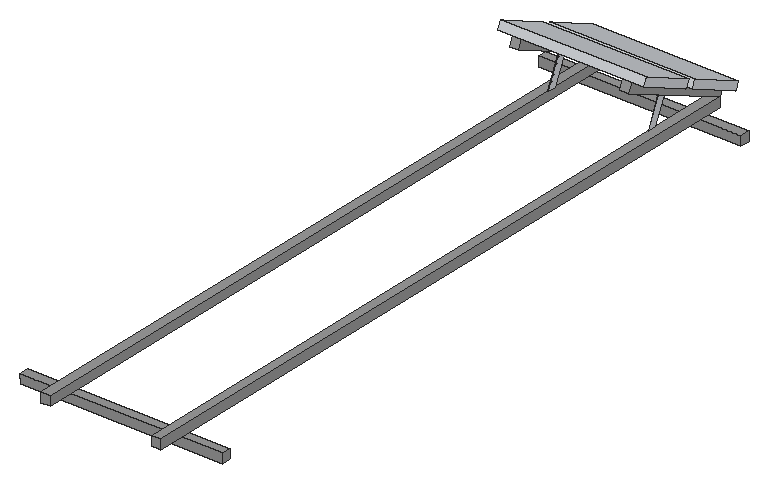
Revit family "Kee_Safety_KEEWALK_DEFAULT", category Generic Models, host Face, Revit 2023
Family settings
  Host = Face
  Can host rebar = No
  Round Connector Dimension = Use Diameter
  Part Type = Normal
  Cut with Voids When Loaded = No
  Maintain Annotation Orientation = No
  Shared = No
  Room Calculation Point = No
Parameters (values of type "KWM17 3M STEPS MODULE 25 TO 35 DEG")
  step length = 534 mm
  part = no
  full steps pitch = 2450 mm
  Step Material = Kee Steel
  Step Angle = 25.00°
  Step Brck position = (step length / 2)  # 267 mm
  Railing Material = Kee Rail
  Overall Length = 3000 mm
  Default Elevation = 1219.2 mm
  Base Material = Base Material
Types (2, lengths in mm): name | Overall Length
  KWM17 3M STEPS MODULE 25 TO 35 DEG | 3000
  KWM18 1,1M STEPS MODULE 25 TO 35 DEG | 1330
Reference planes
  plane 1 "Center (Front/Back)": y = 0
  plane 2: z = 0
  plane 3 "Center (Left/Right)": x = -70
  plane 4: y = 1500
  plane 5: y = -1500
  plane 6: z = 80
  plane 7: y = 1193.75
  plane 8: x = 555
  plane 9: x = -15
  plane 10: z = 40
  plane 11: x = 25
  plane 12: x = -192
  plane 13: x = 242.5
  plane 14: x = 677
  plane 15: y = -1390
  plane 16: y = -1350
  plane 17: y = 1434
  plane 18: y = 1394
  plane 19: y = -20
  plane 20: y = 20
  plane 21 "Bottom Rail": z = 25
  plane 22: x = 500
  plane 23: x = 460
  plane 24: y = 887.5
  plane 25: y = 581.25
  plane 26: y = 275
  plane 27: y = -31.25
  plane 28: y = -337.5
  plane 29: y = -643.75
  plane 30: y = -950
Forms (mm)
  Extrusion 1, solid, material "Base Material" <- "Base Material", detail levels fine
    sketch origin (145, 130, 0) x (1, 0, 0) y (0, 1, 0)
      loop
        line (-160, 1370) -> (-160, -1630) -> (-120, -1630) -> (-120, 1370) -> (-160, 1370)
    from 40 to 80
  Extrusion 2, solid, material "Base Material" <- "Base Material", detail levels fine
    sketch origin (0, 0, 0) x (1, 0, 0) y (0, 0, 1)
      loop
        line (-192, 40) -> (-192, 0) -> (677, 0) -> (677, 40) -> (-192, 40)
    from 1350 to 1390
  Extrusion 3, solid, material "Base Material" <- "Base Material", visible <- "part", detail levels fine
    sketch origin (0, 0, 0) x (1, 0, 0) y (0, 0, 1)
      loop
        line (-192, 40) -> (-192, 0) -> (677, 0) -> (677, 40) -> (-192, 40)
    from -20 to 20
  Extrusion 4, solid, material "Base Material" <- "Base Material", detail levels fine
    sketch origin (0, 0, 0) x (1, 0, 0) y (0, 0, 1)
      loop
        line (-192, 40) -> (-192, 0) -> (677, 0) -> (677, 40) -> (-192, 40)
    from -1434 to -1394
  Extrusion 5, solid, material "Base Material" <- "Base Material", detail levels fine
    sketch origin (340, 130, 0) x (-1, 0, 0) y (0, -1, 0)
      loop
        line (-160, -1370) -> (-120, -1370) -> (-120, 1630) -> (-160, 1630) -> (-160, -1370)
    from 40 to 80
  Extrusion 6, solid, material "Kee Rail" <- "Railing Material", detail levels fine
    sketch origin (555, -55.625, 88.905) x (0, 1, 0) y (0, 0, -1)
      loop
        line (1555.625, 8.905) -> (1071.656, -216.773) -> (1088.561, -253.026) -> (1572.53, -27.348) -> (1555.625, 8.905)
    from 55 to 95
  Extrusion 7, solid, detail levels fine
    sketch origin (-70, 0, 0) x (0, 1, 0) y (0, 0, 1)
      loop
        line (1250.45, 240.502) -> (1265.242, 272.223) -> (1038.665, 377.877) -> (1023.873, 346.157) -> (1250.45, 240.502)
      loop
        line (1516.905, 116.252) -> (1531.696, 147.973) -> (1301.494, 255.318) -> (1286.703, 223.597) -> (1516.905, 116.252)
    from 0 to 625
  Extrusion 8, solid, detail levels fine
    sketch origin (-70, 0, 0) x (0, 1, 0) y (0, 0, 1)
      loop
        line (1258.016, 192.839) -> (1230.827, 205.518) -> (1172.297, 80) -> (1205.398, 80) -> (1258.016, 192.839)
    from 530 to 527
  Extrusion 9, solid, material "Kee Rail" <- "Railing Material", detail levels fine
    sketch origin (-70, -55.625, 88.905) x (0, 1, 0) y (0, 0, 1)
      loop
        line (1555.625, -8.905) -> (1572.53, 27.348) -> (1088.561, 253.026) -> (1071.656, 216.773) -> (1555.625, -8.905)
    from 55 to 95
  Extrusion 10, solid, detail levels fine
    sketch origin (555, 0, 0) x (0, 1, 0) y (0, 0, -1)
      loop
        line (1258.016, -192.839) -> (1205.398, -80) -> (1172.297, -80) -> (1230.827, -205.518) -> (1258.016, -192.839)
    from 530 to 527
  Extrusion 11, solid, detail levels medium
    sketch origin (0, 0, 0) x (1, 0, 0) y (0, 0, 1)
      loop
        line (-192, 0) -> (677, 0) -> (677, 40) -> (500, 40) -> (500, 80) -> (-15, 80) -> (-15, 40) -> (-192, 40) -> (-192, 0)
    from -1500 to 1500
  Extrusion 12, solid, detail levels medium
    sketch origin (-70, 0, 0) x (0, 1, 0) y (0, 0, 1)
      loop
        line (1531.696, 147.973) -> (1038.665, 377.877) -> (1006.969, 309.904) -> (1500, 80) -> (1531.696, 147.973)
    from 0 to 625
  Extrusion 13, solid, detail levels coarse
    sketch origin (0, 0, 0) x (1, 0, 0) y (0, 0, 1)
      loop
        line (-192, 0) -> (677, 0) -> (677, 40) -> (555, 40) -> (555, 377.877) -> (-70, 377.877) -> (-70, 40) -> (-192, 40) -> (-192, 0)
    from -1531.696 to 1500
Dimensions and locks
  locked: plane 6 to level at 80
  locked: plane 6 to plane 10 at 40
  locked: plane 11 to plane 9 at 40
  equal spacing: plane 14, plane 13, plane 12
  locked: plane 15 to plane 5 at 110
  locked: plane 16 to plane 15 at 40
  locked: plane 18 to plane 17 at 40
  locked: plane 20 to plane 19 at 40
  plane 3 "Center (Left/Right)" to plane 9 = 55 mm
  plane 14 to plane 12 = 869 mm
  locked: plane 23 to plane 22 at 40
  equal spacing: plane 4, plane 1 "Center (Front/Back)", plane 5
  locked: plane 4 to plane 17 at 66
  equal spacing: plane 20, plane 1 "Center (Front/Back)", Extrusion 3
  plane 8 to plane 3 "Center (Left/Right)" = 625 mm
  equal spacing: plane 8, plane 13, plane 3 "Center (Left/Right)"
  equal spacing: plane 23, plane 13, plane 11
  plane 23 to plane 11 = 435 mm
  "full steps pitch": plane 4 to plane 30
  equal spacing: plane 4, plane 7, plane 24, plane 25, plane 26, plane 27, plane 28, plane 29, plane 30
  plane 4 to plane 7 = 306.25 mm
  locked: Extrusion 6 sketch curve to Extrusion 6 sketch curve at 40
  "step length": Extrusion 6 sketch curve to Extrusion 6 sketch curve
  locked: Extrusion 6 to plane 6
  Extrusion 6 to plane 4 = 0 mm
  locked: Extrusion 7 sketch curve to Extrusion 6 at 10
  locked: Extrusion 7 sketch curve to Extrusion 7 sketch curve at 35
  locked: Extrusion 7 sketch curve to Extrusion 7 sketch curve at 250
  locked: Extrusion 6 to Extrusion 7 sketch curve at 0
  Extrusion 7 sketch curve to Extrusion 7 sketch curve = 40 mm
  locked: Extrusion 8 sketch curve to Extrusion 8 sketch curve at 30
  "Step Brck position": Extrusion 8 sketch curve to Extrusion 6
  locked: Extrusion 9 sketch curve to Extrusion 9 sketch curve at 40
  "step length": Extrusion 9 sketch curve to Extrusion 9 sketch curve
  locked: Extrusion 10 sketch curve to Extrusion 10 sketch curve at 30
  "Step Brck position": Extrusion 10 sketch curve to Extrusion 9
  "Overall Length": plane 4 to plane 5
  "Step Angle": angle plane 6 to Extrusion 6 sketch curve
  locked: Extrusion 6 to Extrusion 8 sketch curve (angle 90.00°)
  locked: Extrusion 9 to Extrusion 10 sketch curve (angle 90.00°)
  "Step Angle": angle plane 6 to Extrusion 9 sketch curve
  aligned and locked: plane 2 to host face
  aligned and locked: level to host face
  aligned and locked: plane 6 to Extrusion 1
  aligned and locked: Extrusion 1 to plane 10
  aligned and locked: Extrusion 1 to plane 9
  aligned and locked: plane 11 to Extrusion 1
  aligned and locked: Extrusion 2 sketch curve to plane 10
  aligned and locked: plane 12 to Extrusion 2 sketch curve
  aligned and locked: level to Extrusion 2 sketch curve
  aligned and locked: Extrusion 2 sketch curve to plane 14
  aligned and locked: plane 15 to Extrusion 2
  aligned and locked: plane 16 to Extrusion 2
  aligned and locked: plane 20 to Extrusion 3
  aligned and locked: Extrusion 3 to plane 19
  aligned and locked: plane 17 to Extrusion 4
  aligned and locked: plane 18 to Extrusion 4
  aligned and locked: Extrusion 1 to plane 4
  aligned and locked: Extrusion 1 to Extrusion 2
  aligned and locked: plane 5 to Extrusion 1
  aligned and locked: Extrusion 6 to plane 22
  aligned and locked: Extrusion 7 sketch curve to Extrusion 7 sketch curve  (x2)
  aligned and locked: plane 8 to Extrusion 7
  aligned and locked: Extrusion 7 to plane 3 "Center (Left/Right)"
  aligned and locked: Extrusion 6 to Extrusion 7 sketch curve
  aligned and locked: plane 6 to Extrusion 8 sketch curve
  aligned and locked: Extrusion 6 to Extrusion 8 sketch curve
  aligned and locked: Extrusion 10 sketch curve to Extrusion 9
  aligned and locked: host sketch curve to plane 14
  aligned and locked: plane 12 to host sketch curve
  aligned and locked: Extrusion 11 sketch curve to level
  aligned and locked: plane 14 to Extrusion 11 sketch curve
  aligned and locked: plane 10 to Extrusion 11 sketch curve  (x2)
  aligned and locked: plane 6 to Extrusion 11 sketch curve
  aligned and locked: Extrusion 11 sketch curve to plane 9
  aligned and locked: Extrusion 11 sketch curve to plane 12
  aligned and locked: plane 5 to Extrusion 11
  aligned and locked: Extrusion 12 sketch curve to Extrusion 7  (x3)
  aligned and locked: Extrusion 12 sketch curve to Extrusion 6
  aligned and locked: plane 8 to Extrusion 12
  aligned and locked: Extrusion 12 to plane 3 "Center (Left/Right)"
  aligned and locked: Extrusion 13 sketch curve to plane 12
  aligned and locked: Extrusion 13 sketch curve to level
  aligned and locked: plane 14 to Extrusion 13 sketch curve
  aligned and locked: plane 8 to Extrusion 13 sketch curve
  aligned and locked: Extrusion 13 sketch curve to plane 3 "Center (Left/Right)"
  aligned and locked: Extrusion 13 sketch curve to Extrusion 7
  aligned and locked: plane 5 to Extrusion 13
  aligned and locked: Extrusion 11 to plane 4
  aligned and locked: Extrusion 13 to Extrusion 7
Automatic sketch dimensions
  plane 5 to Extrusion 1 sketch curve = 0 mm
  Extrusion 1 sketch curve to plane 9 = 0 mm
  Extrusion 1 sketch curve to plane 11 = 0 mm
  plane 4 to Extrusion 1 sketch curve = 0 mm
  Extrusion 3 sketch curve to level = 0 mm
  Extrusion 3 sketch curve to plane 12 = 0 mm
  Extrusion 3 sketch curve to plane 14 = 0 mm
  Extrusion 3 sketch curve to plane 10 = 0 mm
  Extrusion 4 sketch curve to level = 0 mm
  Extrusion 4 sketch curve to plane 12 = 0 mm
  Extrusion 4 sketch curve to plane 14 = 0 mm
  Extrusion 4 sketch curve to plane 10 = 0 mm
  plane 5 to Extrusion 5 sketch curve = 0 mm
  Extrusion 5 sketch curve to plane 22 = 0 mm
  Extrusion 5 sketch curve to plane 23 = 0 mm
  plane 4 to Extrusion 5 sketch curve = 0 mm
  plane 22 to Extrusion 11 sketch curve = 0 mm
  Extrusion 13 sketch curve to plane 10 = 0 mm  (x2)
  host sketch curve to host sketch curve = 3039.744 mm
  Extrusion 6 sketch curve to plane 4 = 0 mm
  Extrusion 6 sketch curve to plane 6 = 0 mm
  Extrusion 9 sketch curve to plane 4 = 0 mm
  Extrusion 9 sketch curve to plane 6 = 0 mm
  Extrusion 10 sketch curve to plane 6 = 0 mm
